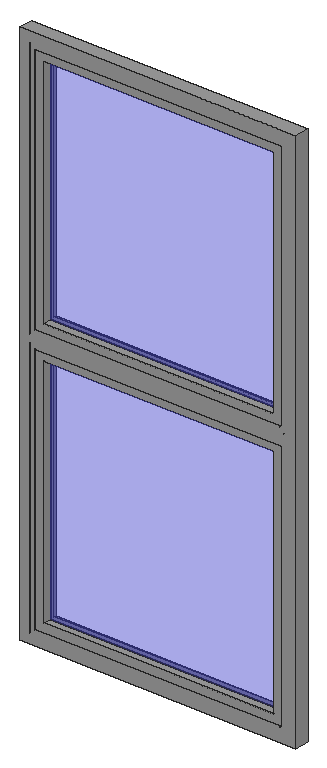
Revit family "12PL OP006_v02", category Windows, host Wall, Revit 2015
Parameters
  Wall Thickness [instance] = 0' - 6"
  URL = "obe.com"
  Transom Height = 4' - 0"
  Rough Width = Width + 0' 0 1/2"  # 4' - 0 1/2"
  Rough Height = Height + 0' 0 1/2"  # 8' - 0 1/2"
  Offset Limitation [instance] = if((Offset + 0' 2 1/2") > Wall Thickness, (Wall Thickness - 0' 2 1/2"), Offset)  # 0' - 1"
  Offset [instance] = 0' - 1"
  Model = "12PL OP006"
  Manufacturer = "Oldcastle Building Envelope®"
  Keynote = "08 51 00"
  Height = Operable Height + Transom Height  # 8' - 0"
  Operable Height = 4' - 0"
  Glass Material = Glass
  Frame Material = Aluminum
  Description = "SIGNATURE SERIES 12PL"
  Default Sill Height = 2' - 0"
  Wall Closure = By host
  Width = 4' - 0"
  Construction Type = ""
  Assembly Code = "B2020"
  Analytic Construction = "<None>"
Reference planes (in)
  plane 1 "Center (Front/Back)": y = 0
  plane 2: z = 0
  plane 3 "Center (Left/Right)": x = 0
  plane 4 "Left": x = -24.25
  plane 5 "Right": x = 24.25
  plane 6 "Sill": z = 24
  plane 7 "Top": z = 120.5
  plane 8 "Offset": y = 2
  plane 9: x = 24
  plane 10: z = 120.25
  plane 11: x = -24
  plane 12: z = 24.25
  plane 13 "Center": z = 72.25
  plane 14: z = 69.812
  plane 15: z = 74.688
  plane 16: z = 116.9995
  plane 17: z = 27.5005
  plane 18 "EXT": y = 1.96875
Forms (in)
  Sweep 1, solid, material "Aluminum" <- "Frame Material"
    path origin (0, 2, 0) x (1, 0, 0) y (0, 0, 1)
      loop
        line (-24, 120.5) -> (-24, 24)
    profile origin (-24, 2, 72.25) x (0, -1, 0) y (1, 0, 0)
      loop
        line (0, -0.25) -> (2.5, -0.25) -> (2.5, 2.25) -> (2.40625, 2.25) -> (2.40625, 1.375) -> (0, 1.375) -> (0, -0.25)
  Sweep 2, solid, material "Aluminum" <- "Frame Material"
    path origin (0, 2, 0) x (-1, 0, 0) y (0, 0, 1)
      loop
        line (-24, 120.5) -> (-24, 24)
    profile origin (24, 2, 72.25) x (0, -1, 0) y (1, 0, 0)
      loop
        line (0, 0.25) -> (0, -1.375) -> (2.40625, -1.375) -> (2.40625, -2.25) -> (2.5, -2.25) -> (2.5, 0.25) -> (0, 0.25)
  Sweep 3, solid, material "Aluminum" <- "Frame Material"
    path origin (0, 2, 0) x (1, 0, 0) y (0, 0, 1)
      loop
        line (-24.25, 24.25) -> (24.25, 24.25)
    profile origin (0, 2, 24.25) x (0, 0, 1) y (0, -1, 0)
      loop
        line (2.25, 2.5) -> (-0.25, 2.5) -> (-0.25, 0) -> (1.375, 0) -> (1.375, 2.40625) -> (2.25, 2.40625) -> (2.25, 2.5)
  Sweep 4, solid, material "Aluminum" <- "Frame Material"
    path origin (0, 2, 0) x (1, 0, 0) y (0, 0, 1)
      loop
        line (-24.25, 72.25) -> (24.25, 72.25)
    profile origin (0, 2, 72.25) x (0, 0, 1) y (0, -1, 0)
      loop
        line (0.5625, 0) -> (0.5625, 2.40625) -> (1.4375, 2.40625) -> (1.4375, 2.5) -> (-1.4375, 2.5) -> (-1.4375, 2.40625) -> (-0.5625, 2.40625) -> (-0.5625, 0) -> (0.5625, 0)
  Sweep 5, solid, material "Aluminum" <- "Frame Material"
    path origin (0, 2, 0) x (1, 0, 0) y (0, 0, 1)
      loop
        line (-24.25, 120.25) -> (24.25, 120.25)
    profile origin (0, 2, 120.25) x (0, 0, 1) y (0, -1, 0)
      loop
        line (-2.25, 2.40625) -> (-1.375, 2.40625) -> (-1.375, 0) -> (0.25, 0) -> (0.25, 2.5) -> (-2.25, 2.5) -> (-2.25, 2.40625)
  Extrusion 6, solid, material "Glass" <- "Glass Material", detail levels coarse
    sketch origin (0, 0, 24) x (0, -1, 0) y (1, 0, 0)
      loop
        line (-1.96875, -20.7495) -> (-0.96875, -20.7495) -> (-0.96875, 20.7495) -> (-1.96875, 20.7495) -> (-1.96875, -20.7495)
    from 3.5005 to 45.812
  Extrusion 7, solid, material "Glass" <- "Glass Material", detail levels coarse
    sketch origin (0, 0, 78.5) x (0, -1, 0) y (1, 0, 0)
      loop
        line (-1.96875, -20.7495) -> (-0.96875, -20.7495) -> (-0.96875, 20.7495) -> (-1.96875, 20.7495) -> (-1.96875, -20.7495)
    from -3.812 to 38.4995
  Extrusion 8, solid, material "Glass" <- "Glass Material", detail levels medium+fine
    sketch origin (0, 0, 24) x (0, -1, 0) y (1, 0, 0)
      loop
        line (-1.96875, -20.7495) -> (-1.71875, -20.7495) -> (-1.71875, 20.7495) -> (-1.96875, 20.7495) -> (-1.96875, -20.7495)
      loop
        line (-1.20605, 20.7495) -> (-1.20605, -20.7495) -> (-0.96875, -20.7495) -> (-0.96875, 20.7495) -> (-1.20605, 20.7495)
    from 3.5005 to 45.812
  Extrusion 9, solid, material "Glass" <- "Glass Material", detail levels medium+fine
    sketch origin (0, 0, 24) x (0, -1, 0) y (1, 0, 0)
      loop
        line (-1.96875, -20.7495) -> (-1.71875, -20.7495) -> (-1.71875, 20.7495) -> (-1.96875, 20.7495) -> (-1.96875, -20.7495)
      loop
        line (-1.20605, 20.7495) -> (-1.20605, -20.7495) -> (-0.96875, -20.7495) -> (-0.96875, 20.7495) -> (-1.20605, 20.7495)
    from 50.688 to 92.9995
  Sweep 10, solid, material "Aluminum" <- "Frame Material"
    path origin (0, 2, 0) x (1, 0, 0) y (0, 0, 1)
      loop
        line (22.875, 120.25) -> (-22.875, 120.25)
    profile origin (0, 2, 120.25) x (0, 0, -1) y (0, -1, 0)
      loop
        line (1.125, -0.25) -> (3.7505, -0.25) -> (3.7505, 0.03125) -> (3.2505, 0.03125) -> (3.2505, 1.03125) -> (3.751, 1.03125) -> (3.751, 2.3125) -> (2.063, 2.3125) -> (2.063, -0.15625) -> (1.125, -0.15625) -> (1.125, -0.25)
  Sweep 11, solid, material "Aluminum" <- "Frame Material"
    path origin (0, 2, 0) x (1, 0, 0) y (0, 0, 1)
      loop
        line (24, 119.125) -> (24, 72.5625)
    profile origin (24, 2, 95.84375) x (0, -1, 0) y (1, 0, 0)
      loop
        line (-0.25, -1.125) -> (-0.25, -3.7505) -> (0.03125, -3.7505) -> (0.03125, -3.2505) -> (1.03125, -3.2505) -> (1.03125, -3.751) -> (2.3125, -3.751) -> (2.3125, -2.063) -> (-0.15625, -2.063) -> (-0.15625, -1.125) -> (-0.25, -1.125)
  Sweep 12, solid, material "Aluminum" <- "Frame Material"
    path origin (0, 2, 0) x (1, 0, 0) y (0, 0, 1)
      loop
        line (-24, 119.125) -> (-24, 72.5625)
    profile origin (-24, 2, 95.84375) x (0, -1, 0) y (1, 0, 0)
      loop
        line (-0.25, 1.125) -> (-0.15625, 1.125) -> (-0.15625, 2.063) -> (2.3125, 2.063) -> (2.3125, 3.751) -> (1.03125, 3.751) -> (1.03125, 3.2505) -> (0.03125, 3.2505) -> (0.03125, 3.7505) -> (-0.25, 3.7505) -> (-0.25, 1.125)
  Sweep 13, solid, material "Aluminum" <- "Frame Material"
    path origin (0, 2, 0) x (1, 0, 0) y (0, 0, 1)
      loop
        line (22.875, 24.25) -> (-22.875, 24.25)
    profile origin (0, 2, 24.25) x (0, 0, -1) y (0, -1, 0)
      loop
        line (-3.751, 2.3125) -> (-3.751, 1.03125) -> (-3.2505, 1.03125) -> (-3.2505, 0.03125) -> (-3.7505, 0.03125) -> (-3.7505, -0.25) -> (-1.125, -0.25) -> (-1.125, -0.15625) -> (-2.063, -0.15625) -> (-2.063, 2.3125) -> (-3.751, 2.3125)
  Sweep 14, solid, material "Aluminum" <- "Frame Material"
    path origin (0, 2, 0) x (1, 0, 0) y (0, 0, 1)
      loop
        line (-22.875, 72.25) -> (22.875, 72.25)
    profile origin (0, 2, 72.25) x (0, 0, 1) y (0, -1, 0)
      loop
        line (2.9385, 2.3125) -> (1.2505, 2.3125) -> (1.2505, -0.15625) -> (0.3125, -0.15625) -> (0.3125, -0.25) -> (2.938, -0.25) -> (2.938, 0.03125) -> (2.438, 0.03125) -> (2.438, 1.03125) -> (2.9385, 1.03125) -> (2.9385, 2.3125)
  Sweep 15, solid, material "Aluminum" <- "Frame Material"
    path origin (0, 2, 0) x (1, 0, 0) y (0, 0, 1)
      loop
        line (22.875, 72.25) -> (-22.875, 72.25)
    profile origin (0, 2, 72.25) x (0, 0, -1) y (0, -1, 0)
      loop
        line (1.2505, -0.15625) -> (0.3125, -0.15625) -> (0.3125, -0.25) -> (2.938, -0.25) -> (2.938, 0.03125) -> (2.438, 0.03125) -> (2.438, 1.03125) -> (2.9385, 1.03125) -> (2.9385, 2.3125) -> (1.2505, 2.3125) -> (1.2505, -0.15625)
  Sweep 16, solid, material "Aluminum" <- "Frame Material"
    path origin (0, 2, 0) x (1, 0, 0) y (0, 0, 1)
      loop
        line (24, 71.9375) -> (24, 25.375)
    profile origin (24, 2, 48.65625) x (0, -1, 0) y (1, 0, 0)
      loop
        line (-0.25, -3.7505) -> (0.03125, -3.7505) -> (0.03125, -3.2505) -> (1.03125, -3.2505) -> (1.03125, -3.751) -> (2.3125, -3.751) -> (2.3125, -2.063) -> (-0.15625, -2.063) -> (-0.15625, -1.125) -> (-0.25, -1.125) -> (-0.25, -3.7505)
  Sweep 17, solid, material "Aluminum" <- "Frame Material"
    path origin (0, 2, 0) x (1, 0, 0) y (0, 0, 1)
      loop
        line (-24, 71.9375) -> (-24, 25.375)
    profile origin (-24, 2, 48.65625) x (0, -1, 0) y (1, 0, 0)
      loop
        line (-0.25, 1.125) -> (-0.15625, 1.125) -> (-0.15625, 2.063) -> (2.3125, 2.063) -> (2.3125, 3.751) -> (1.03125, 3.751) -> (1.03125, 3.2505) -> (0.03125, 3.2505) -> (0.03125, 3.7505) -> (-0.25, 3.7505) -> (-0.25, 1.125)
Cuts and joins
  joined: Sweep 1, Sweep 2, Sweep 3, Sweep 4, Sweep 5
  joined: Sweep 10, Sweep 11, Sweep 12, Sweep 14
  joined: Sweep 13, Sweep 15, Sweep 16, Sweep 17
Lines and regions (in)
  Opening 1
    outline origin (-60, -3, 0) x (1, 0, 0) y (0, 0, 1)
      loop
        line (35.75, 120.5) -> (35.75, 24) -> (84.25, 24) -> (84.25, 120.5) -> (35.75, 120.5)
  model lines, style "Opening Direction"
    curve 1: line (20.249, 1.96875, 28.001) -> (0, 1.96875, 69.3115)
    curve 2: line (0, 1.96875, 69.3115) -> (-20.249, 1.96875, 28.001)
    curve 3: line (20.249, 1.96875, 75.1885) -> (0, 1.96875, 116.499)
    curve 4: line (0, 1.96875, 116.499) -> (-20.249, 1.96875, 75.1885)
Text (in)
  text "EXTERIOR" at (-58.6888, 50.90694, 0), in view "Ref. Level"
  text "INTERIOR" at (-58.6888, -37.76638, 0), in view "Ref. Level"
  text "Exterior" at (0, 43.65631, 123.19604), in view "Left"
  text "Exterior" at (0, 18.29385, 125.04747), in view "Right"
  text "Min Operable Size\n\n14\" width x 18\" height\n\n\n\nMax Operable Size\n\n72\" x 72\"\n\n\n\nMax Operable Area\n\n24 square feet" at (92.63041, 50.90694, 0), in view "Ref. Level"
Dimensions and locks (in)
  equal spacing: plane 4 "Left", plane 3 "Center (Left/Right)", plane 5 "Right"
  "Rough Width": plane 4 "Left" to plane 5 "Right"
  "Default Sill Height": plane 2 to plane 6 "Sill"
  "Offset Limitation": plane 8 "Offset" to host wall
  "Wall Thickness": host wall to host wall
  locked: plane 9 to plane 5 "Right" at 0.25
  locked: plane 6 "Sill" to plane 12 at 0.25
  "Operable Height": plane 12 to plane 13 "Center"
  "Transom Height": plane 13 "Center" to plane 10
  "Rough Height": plane 6 "Sill" to plane 7 "Top"
  "Width": plane 11 to plane 9
  plane 8 "Offset" to Extrusion 6 sketch curve to Extrusion 6 sketch curve = 0' - 0 1/32" locked, 0' - 1" locked
  locked: Extrusion 7 sketch curve to Extrusion 7 sketch curve at 1
  locked: plane 12 to plane 17 at 3.2505
  plane 14 to plane 13 "Center" to plane 15 = 0' - 2.438" locked, 0' - 2.438" locked
  locked: plane 16 to plane 10 at 3.2505
  Extrusion 8 sketch curve to Extrusion 8 sketch curve to Extrusion 8 sketch curve to Extrusion 8 sketch curve to plane 8 "Offset" = 0' - 0.2373" locked, 0' - 0.5127" locked, 0' - 0 1/4" locked, 0' - 0 1/32" locked
  Extrusion 9 sketch curve to Extrusion 9 sketch curve to Extrusion 9 sketch curve to Extrusion 9 sketch curve to plane 8 "Offset" = 0' - 0.2373" locked, 0' - 0.5127" locked, 0' - 0 1/4" locked, 0' - 0 1/32" locked
  locked: plane 18 "EXT" to plane 8 "Offset" at 0.03125
  locked: Sweep 11 sketch curve to plane 10 at 1.125
  locked: Sweep 12 sketch curve to plane 10 at 1.125
  locked: plane 11 to Sweep 10 sketch curve at 1.125
  locked: Sweep 10 sketch curve to plane 9 at 1.125
  locked: Sweep 13 sketch curve to plane 9 at 1.125
  locked: plane 11 to Sweep 13 sketch curve at 1.125
  locked: Sweep 14 sketch curve to plane 9 at 1.125
  locked: plane 11 to Sweep 14 sketch curve at 1.125
  locked: plane 11 to Sweep 15 sketch curve at 1.125
  locked: Sweep 15 sketch curve to plane 9 at 1.125
  locked: plane 13 "Center" to Sweep 11 sketch curve at 0.3125
  locked: plane 13 "Center" to Sweep 12 sketch curve at 0.3125
  locked: Sweep 16 sketch curve to plane 13 "Center" at 0.3125
  locked: plane 12 to Sweep 16 sketch curve at 1.125
  locked: Sweep 17 sketch curve to plane 13 "Center" at 0.3125
  locked: plane 12 to Sweep 17 sketch curve at 1.125
  aligned and locked: plane 7 "Top" to Opening 1 sketch curve
  aligned and locked: plane 6 "Sill" to Opening 1 sketch curve  (x2)
  aligned and locked: plane 5 "Right" to Opening 1 sketch curve
  aligned and locked: plane 4 "Left" to Opening 1 sketch curve
  aligned and locked: level to plane 2
  aligned and locked: plane 11 to Sweep 1 sketch curve
  aligned and locked: Sweep 2 sketch curve to plane 9
  aligned and locked: plane 12 to Sweep 3 sketch curve
  aligned and locked: plane 13 "Center" to Sweep 4 sketch curve
  aligned and locked: plane 10 to Sweep 5 sketch curve
  aligned and locked: plane 17 to Extrusion 6
  aligned and locked: Extrusion 6 to plane 14
  aligned and locked: plane 15 to Extrusion 7
  aligned and locked: Extrusion 7 to plane 16
  aligned and locked: plane 17 to Extrusion 8
  aligned and locked: Extrusion 8 to plane 14
  aligned and locked: plane 15 to Extrusion 9
  aligned and locked: Extrusion 9 to plane 16
  aligned and locked: plane 10 to Sweep 10 sketch curve
  aligned and locked: Sweep 11 sketch curve to plane 9
  aligned and locked: Sweep 12 sketch curve to plane 11
  aligned and locked: plane 12 to Sweep 13 sketch curve
  aligned and locked: Sweep 14 sketch curve to plane 13 "Center"
  aligned and locked: plane 13 "Center" to Sweep 15 sketch curve
  aligned and locked: Sweep 16 sketch curve to plane 9
  aligned and locked: Sweep 17 sketch curve to plane 11
Automatic sketch dimensions
  Sweep 1 sketch curve to plane 6 "Sill" = 0' - 0"
  Sweep 1 sketch curve to plane 7 "Top" = 0' - 0"
  profile plane to Sweep 1 sketch curve = 0' - 0 1/4"
  Sweep 1 sketch curve to Sweep 1 sketch curve = 0' - 2 1/2"
  Sweep 1 sketch curve to profile plane = 0' - 1 3/8"
  Sweep 2 sketch curve to plane 6 "Sill" = 0' - 0"
  Sweep 2 sketch curve to plane 7 "Top" = 0' - 0"
  Sweep 2 sketch curve to profile plane = 0' - 0 1/4"
  plane 4 "Left" to Sweep 3 sketch curve = 0' - 0"
  plane 5 "Right" to Sweep 3 sketch curve = 0' - 0"
  Sweep 3 sketch curve to plane 8 "Offset" = 0' - 0"
  profile plane to Sweep 3 sketch curve = 0' - 0 1/4"
  plane 4 "Left" to Sweep 4 sketch curve = 0' - 0"
  plane 5 "Right" to Sweep 4 sketch curve = 0' - 0"
  plane 4 "Left" to Sweep 5 sketch curve = 0' - 0"
  plane 5 "Right" to Sweep 5 sketch curve = 0' - 0"
  Sweep 5 sketch curve to profile plane = 0' - 0 1/4"
  Extrusion 6 sketch curve to plane 11 = 0' - 3.2505"
  plane 9 to Extrusion 6 sketch curve = 0' - 3.2505"
  plane 8 "Offset" to Extrusion 7 sketch curve = 0' - 0 1/32"
  Extrusion 7 sketch curve to plane 11 = 0' - 3.2505"
  plane 9 to Extrusion 7 sketch curve = 0' - 3.2505"
  Extrusion 8 sketch curve to plane 11 = 0' - 3.2505"
  Extrusion 8 sketch curve to Extrusion 8 sketch curve = 0' - 0"  (x2)
  plane 9 to Extrusion 8 sketch curve = 0' - 3.2505"
  Extrusion 9 sketch curve to plane 11 = 0' - 3.2505"
  Extrusion 9 sketch curve to Extrusion 9 sketch curve = 0' - 0"  (x2)
  plane 9 to Extrusion 9 sketch curve = 0' - 3.2505"
  curve 2 to plane 3 "Center (Left/Right)" = 0' - 0"
  curve 4 to plane 3 "Center (Left/Right)" = 0' - 0"
  curve 2 to plane 17 = 0' - 0.5005"
  curve 4 to plane 15 = 0' - 0.5005"
  curve 4 to plane 11 = 0' - 3.751"
  curve 2 to plane 11 = 0' - 3.751"
  curve 3 to plane 15 = 0' - 0.5005"
  plane 9 to curve 3 = 0' - 3.751"
  curve 1 to plane 17 = 0' - 0.5005"
  plane 9 to curve 1 = 0' - 3.751"
  plane 14 to curve 2 = 0' - 0.5005"
  plane 16 to curve 4 = 0' - 0.5005"
  Sweep 2 sketch curve to Sweep 2 sketch curve = 0' - 0 3/32"
  plane 8 "Offset" to Sweep 2 sketch curve = 0' - 0"
  profile plane to Sweep 2 sketch curve = 0' - 1 3/8"
  Sweep 2 sketch curve to Sweep 2 sketch curve = 0' - 2 13/32"
  Sweep 2 sketch curve to Sweep 2 sketch curve = 0' - 0 7/8"
  Sweep 1 sketch curve to Sweep 1 sketch curve = 0' - 0 3/32"
  plane 8 "Offset" to Sweep 1 sketch curve = 0' - 0"
  Sweep 1 sketch curve to Sweep 1 sketch curve = 0' - 0 7/8"
  Sweep 4 sketch curve to Sweep 4 sketch curve = 0' - 0 3/32"  (x2)
  Sweep 4 sketch curve to Sweep 4 sketch curve = 0' - 0 7/8"  (x2)
  Sweep 4 sketch curve to Sweep 4 sketch curve = 0' - 2 13/32"
  Sweep 5 sketch curve to Sweep 5 sketch curve = 0' - 0 3/32"
  Sweep 5 sketch curve to plane 8 "Offset" = 0' - 0"
  profile plane to Sweep 5 sketch curve = 0' - 1 3/8"
  Sweep 5 sketch curve to Sweep 5 sketch curve = 0' - 0 7/8"
  Sweep 5 sketch curve to Sweep 5 sketch curve = 0' - 2 13/32"
  Sweep 3 sketch curve to Sweep 3 sketch curve = 0' - 0 3/32"
  Sweep 3 sketch curve to profile plane = 0' - 1 3/8"
  Sweep 3 sketch curve to Sweep 3 sketch curve = 0' - 0 7/8"
  Sweep 3 sketch curve to Sweep 3 sketch curve = 0' - 2 13/32"
  Sweep 10 sketch curve to plane 8 "Offset" = 0' - 0 1/4"
  Sweep 10 sketch curve to profile plane = 0' - 1 1/8"
  Sweep 10 sketch curve to Sweep 10 sketch curve = 0' - 2.6255"
  Sweep 10 sketch curve to plane 8 "Offset" = 0' - 0 5/32"
  Sweep 10 sketch curve to Sweep 10 sketch curve = 0' - 0.938"
  plane 8 "Offset" to Sweep 10 sketch curve = 0' - 2 5/16"
  Sweep 10 sketch curve to Sweep 10 sketch curve = 0' - 1.688"
  plane 8 "Offset" to Sweep 10 sketch curve = 0' - 1 1/32"
  Sweep 10 sketch curve to Sweep 10 sketch curve = 0' - 0.5005"
  plane 8 "Offset" to Sweep 10 sketch curve = 0' - 0 1/32"
  Sweep 11 sketch curve to plane 8 "Offset" = 0' - 0 1/4"
  profile plane to Sweep 11 sketch curve = 0' - 1 1/8"
  Sweep 11 sketch curve to Sweep 11 sketch curve = 0' - 0 1/2"
  Sweep 11 sketch curve to Sweep 11 sketch curve = 0' - 1"
  Sweep 11 sketch curve to Sweep 11 sketch curve = 0' - 0.0005"
  Sweep 11 sketch curve to Sweep 11 sketch curve = 0' - 1.688"
  Sweep 11 sketch curve to plane 8 "Offset" = 0' - 0 5/32"
  Sweep 11 sketch curve to Sweep 11 sketch curve = 0' - 0.938"
  Sweep 11 sketch curve to Sweep 11 sketch curve = 0' - 1 9/32"
  plane 8 "Offset" to Sweep 11 sketch curve = 0' - 0 1/32"
  Sweep 12 sketch curve to plane 8 "Offset" = 0' - 0 1/4"
  Sweep 12 sketch curve to profile plane = 0' - 1 1/8"
  Sweep 12 sketch curve to Sweep 12 sketch curve = 0' - 2.6255"
  Sweep 12 sketch curve to plane 8 "Offset" = 0' - 0 5/32"
  Sweep 12 sketch curve to Sweep 12 sketch curve = 0' - 0.938"
  plane 8 "Offset" to Sweep 12 sketch curve = 0' - 2 5/16"
  Sweep 12 sketch curve to Sweep 12 sketch curve = 0' - 1.688"
  plane 8 "Offset" to Sweep 12 sketch curve = 0' - 1 1/32"
  Sweep 12 sketch curve to Sweep 12 sketch curve = 0' - 0.5005"
  plane 8 "Offset" to Sweep 12 sketch curve = 0' - 0 1/32"
  profile plane to Sweep 13 sketch curve = 0' - 3.751"
  plane 8 "Offset" to Sweep 13 sketch curve = 0' - 2 5/16"
  Sweep 13 sketch curve to Sweep 13 sketch curve = 0' - 1.688"
  plane 8 "Offset" to Sweep 13 sketch curve = 0' - 1 1/32"
  Sweep 13 sketch curve to Sweep 13 sketch curve = 0' - 0.938"
  Sweep 13 sketch curve to plane 8 "Offset" = 0' - 0 5/32"
  Sweep 13 sketch curve to plane 8 "Offset" = 0' - 0 1/4"
  Sweep 13 sketch curve to Sweep 13 sketch curve = 0' - 0.0005"
  plane 8 "Offset" to Sweep 13 sketch curve = 0' - 0 1/32"
  Sweep 13 sketch curve to Sweep 13 sketch curve = 0' - 0 1/2"
  Sweep 14 sketch curve to profile plane = 0' - 2.9385"
  plane 8 "Offset" to Sweep 14 sketch curve = 0' - 2 5/16"
  plane 8 "Offset" to Sweep 14 sketch curve = 0' - 1 1/32"
  Sweep 14 sketch curve to plane 8 "Offset" = 0' - 0 5/32"
  Sweep 14 sketch curve to profile plane = 0' - 0 5/16"
  Sweep 14 sketch curve to plane 8 "Offset" = 0' - 0 1/4"
  Sweep 14 sketch curve to Sweep 14 sketch curve = 0' - 0.938"
  Sweep 14 sketch curve to Sweep 14 sketch curve = 0' - 0.0005"
  plane 8 "Offset" to Sweep 14 sketch curve = 0' - 0 1/32"
  Sweep 14 sketch curve to Sweep 14 sketch curve = 0' - 0 1/2"
  Sweep 15 sketch curve to profile plane = 0' - 2.9385"
  Sweep 15 sketch curve to Sweep 15 sketch curve = 0' - 2 15/32"
  plane 8 "Offset" to Sweep 15 sketch curve = 0' - 1 1/32"
  plane 8 "Offset" to Sweep 15 sketch curve = 0' - 0 1/32"
  Sweep 15 sketch curve to Sweep 15 sketch curve = 0' - 0.0005"
  Sweep 15 sketch curve to plane 8 "Offset" = 0' - 0 1/4"
  Sweep 15 sketch curve to Sweep 15 sketch curve = 0' - 0 1/2"
  Sweep 15 sketch curve to profile plane = 0' - 0 5/16"
  Sweep 15 sketch curve to plane 8 "Offset" = 0' - 0 5/32"
  Sweep 15 sketch curve to Sweep 15 sketch curve = 0' - 0.938"
  Sweep 16 sketch curve to plane 8 "Offset" = 0' - 0 1/4"
  profile plane to Sweep 16 sketch curve = 0' - 3.7505"
  Sweep 16 sketch curve to Sweep 16 sketch curve = 0' - 0 1/2"
  Sweep 16 sketch curve to Sweep 16 sketch curve = 0' - 1"
  Sweep 16 sketch curve to Sweep 16 sketch curve = 0' - 0.0005"
  Sweep 16 sketch curve to Sweep 16 sketch curve = 0' - 1 9/32"
  Sweep 16 sketch curve to plane 8 "Offset" = 0' - 0 5/32"
  Sweep 16 sketch curve to Sweep 16 sketch curve = 0' - 0.938"
  profile plane to Sweep 16 sketch curve = 0' - 1 1/8"
  plane 8 "Offset" to Sweep 16 sketch curve = 0' - 0 1/32"
  Sweep 17 sketch curve to plane 8 "Offset" = 0' - 0 1/4"
  plane 8 "Offset" to Sweep 17 sketch curve = 0' - 0 1/32"
  Sweep 17 sketch curve to Sweep 17 sketch curve = 0' - 0 1/2"
  Sweep 17 sketch curve to Sweep 17 sketch curve = 0' - 1"
  Sweep 17 sketch curve to Sweep 17 sketch curve = 0' - 0.0005"
  Sweep 17 sketch curve to plane 8 "Offset" = 0' - 0 5/32"
  Sweep 17 sketch curve to Sweep 17 sketch curve = 0' - 1 3/16"
  Sweep 17 sketch curve to Sweep 17 sketch curve = 0' - 0.938"
  Sweep 17 sketch curve to profile plane = 0' - 1 1/8"
  Sweep 17 sketch curve to Sweep 17 sketch curve = 0' - 1 9/32"
  profile plane to Sweep 4 sketch curve = 0' - 0 9/16"
  Sweep 4 sketch curve to profile plane = 0' - 0 9/16"
  Sweep 4 sketch curve to plane 8 "Offset" = 0' - 0"
